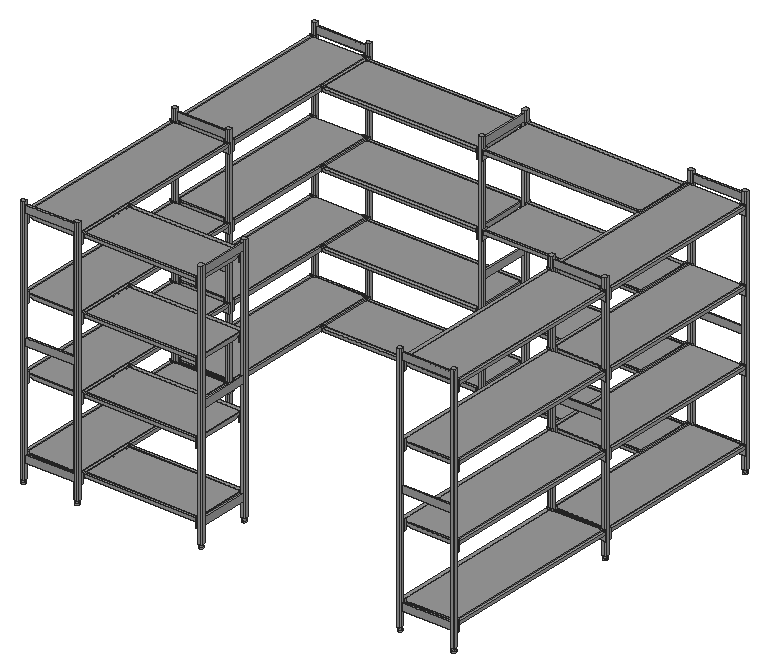
Revit family "QF_ELECTROLUXPROFESSIONAL_137107_CRS2824", category Attrezzature speciali, Revit 2020 (continued)
Definition of nested family "QF_708G"
  Definition of nested family "WT_Aggancio373B"
    Forms (mm)
      Extrusion 1, solid
        sketch origin (-380, -0.022, 0) x (0, 1, 0) y (0, 0, 1)
          loop
            line (-12, 597.998) -> (4, 597.998) -> (4, 615.994) -> (2.007, 615.994) -> (2.007, 609.496) -> (-329, 609.496) -> (-329, 615.994) -> (-331, 615.994) -> (-331, 597.998) -> (-315, 597.998) -> (-281, 585.994) -> (-46, 585.994) -> (-12, 597.998)
          loop
            line (-12, 147.998) -> (4, 147.998) -> (4, 165.994) -> (2.007, 165.994) -> (2.007, 159.496) -> (-329, 159.496) -> (-329, 165.994) -> (-331, 165.994) -> (-331, 147.998) -> (-315, 147.998) -> (-281, 135.994) -> (-46, 135.994) -> (-12, 147.998)
        from -32 to -37
      Extrusion 2, solid
        sketch origin (-793.062, -324.754, 6.5) x (1, 0, 0) y (0, 0, 1)
          loop
            line (385.062, 1509.496) -> (385.062, 1512.496) -> (376.062, 1512.496) -> (376.062, 1485.994) -> (390.031, 1485.994) -> (390.031, 1491.496) -> (381.062, 1491.496) -> (381.062, 1509.496) -> (385.062, 1509.496)
          loop
            line (385.062, 1059.496) -> (385.062, 1062.496) -> (376.062, 1062.496) -> (376.062, 1035.994) -> (390.031, 1035.994) -> (390.031, 1041.496) -> (381.062, 1041.496) -> (381.062, 1059.496) -> (385.062, 1059.496)
          loop
            line (385.062, 609.496) -> (385.062, 612.496) -> (376.062, 612.496) -> (376.062, 585.994) -> (390.031, 585.994) -> (390.031, 591.496) -> (381.062, 591.496) -> (381.062, 609.496) -> (385.062, 609.496)
          loop
            line (385.062, 159.496) -> (385.062, 162.496) -> (376.062, 162.496) -> (376.062, 135.994) -> (390.031, 135.994) -> (390.031, 141.496) -> (381.062, 141.496) -> (381.062, 159.496) -> (385.062, 159.496)
        from 6.268 to 25.246
      Extrusion 3, solid
        sketch origin (-793.062, 32.754, 6.5) x (1, 0, 0) y (0, 0, 1)
          loop
            line (385.062, 1509.496) -> (385.062, 1512.496) -> (376.062, 1512.496) -> (376.062, 1485.994) -> (390.031, 1485.994) -> (390.031, 1491.496) -> (381.062, 1491.496) -> (381.062, 1509.496) -> (385.062, 1509.496)
          loop
            line (385.062, 1059.496) -> (385.062, 1062.496) -> (376.062, 1062.496) -> (376.062, 1035.994) -> (390.031, 1035.994) -> (390.031, 1041.496) -> (381.062, 1041.496) -> (381.062, 1059.496) -> (385.062, 1059.496)
          loop
            line (385.062, 609.496) -> (385.062, 612.496) -> (376.062, 612.496) -> (376.062, 585.994) -> (390.031, 585.994) -> (390.031, 591.496) -> (381.062, 591.496) -> (381.062, 609.496) -> (385.062, 609.496)
          loop
            line (385.062, 159.496) -> (385.062, 162.496) -> (376.062, 162.496) -> (376.062, 135.994) -> (390.031, 135.994) -> (390.031, 141.496) -> (381.062, 141.496) -> (381.062, 159.496) -> (385.062, 159.496)
        from 9.754 to 28.776
    Lines and regions (mm)
      symbolic lines
        curve 1: line (-412, -350, 0) -> (-408, -350, 0)
        curve 2: line (-412, -331.022, 0) -> (-412, -350, 0)
        curve 3: line (-408, -331.022, 0) -> (-412, -331.022, 0)
        curve 4: line (-408, -350, 0) -> (-408, -331.022, 0)
        curve 5: line (-412, 3.978, 0) -> (-408, 3.978, 0)
        curve 6: line (-412, 23, 0) -> (-412, 3.978, 0)
        curve 7: line (-408, 23, 0) -> (-412, 23, 0)
        curve 8: line (-408, 3.978, 0) -> (-408, 23, 0)
    Dimensions and locks
      "Height": plane 5 "TOP" to level
      "Depth": plane 3 "BACK" to plane 4 "FRONT"
      "Dint": plane 7 to plane 8
      equal spacing: plane 7, plane 6 "Center (Front/Back)", plane 8
      equal spacing: plane 3 "BACK", plane 6 "Center (Front/Back)", plane 4 "FRONT"
      plane 9 "FEET" to level = 25 mm
      plane 10 to plane 9 "FEET" = 115 mm
      locked: plane 11 to plane 10 at 450
      locked: plane 12 to plane 11 at 450
      locked: plane 13 to plane 12 at 450
      locked: plane 3 "BACK" to plane 15 "CYBack" at 17.5
      locked: plane 16 "CYFront" to plane 4 "FRONT" at 17.5
      aligned and locked: level to plane 1
      aligned and locked: Extrusion 1 sketch curve to Extrusion 1 sketch curve  (x3)
    Automatic sketch dimensions
      plane 16 "CYFront" to Extrusion 1 sketch curve = 1.478 mm  (x4)
      Extrusion 1 sketch curve to Extrusion 1 sketch curve = 2 mm
      plane 8 to Extrusion 1 sketch curve = 3.478 mm  (x4)
      Extrusion 1 sketch curve to plane 10 = 4.006 mm
      Extrusion 1 sketch curve to Extrusion 1 sketch curve = 34 mm  (x4)
      Extrusion 1 sketch curve to plane 11 = 4.006 mm
      Extrusion 1 sketch curve to plane 12 = 4.006 mm
      Extrusion 1 sketch curve to plane 13 = 4.006 mm
      Extrusion 1 sketch curve to plane 7 = 37.522 mm  (x4)
      Extrusion 1 sketch curve to plane 7 = 3.522 mm  (x4)
      plane 14 to Extrusion 1 sketch curve = 3.516 mm  (x4)
      plane 14 to Extrusion 1 sketch curve = 1.522 mm  (x4)
      plane 10 to Extrusion 1 sketch curve = 7.998 mm  (x2)
      Extrusion 1 sketch curve to Extrusion 1 sketch curve = 11.498 mm  (x4)
      Extrusion 1 sketch curve to Extrusion 1 sketch curve = 6.499 mm  (x8)
      plane 11 to Extrusion 1 sketch curve = 7.998 mm  (x2)
      plane 12 to Extrusion 1 sketch curve = 7.998 mm  (x2)
      plane 13 to Extrusion 1 sketch curve = 7.998 mm  (x2)
      plane 2 "LEFT" to Extrusion 2 sketch curve = 0 mm  (x4)
      plane 13 to Extrusion 2 sketch curve = 7.996 mm
      plane 11 to Extrusion 2 sketch curve = 7.996 mm
      Extrusion 2 sketch curve to Extrusion 2 sketch curve = 5 mm  (x4)
      plane 11 to Extrusion 2 sketch curve = 2.494 mm
      plane 10 to Extrusion 2 sketch curve = 28.996 mm
      Extrusion 2 sketch curve to Extrusion 2 sketch curve = 3 mm  (x4)
      plane 10 to Extrusion 2 sketch curve = 7.996 mm
      plane 10 to Extrusion 2 sketch curve = 2.494 mm
      Extrusion 2 sketch curve to Extrusion 2 sketch curve = 18 mm  (x3)
      plane 12 to Extrusion 2 sketch curve = 2.494 mm
      plane 12 to Extrusion 2 sketch curve = 7.996 mm
      plane 13 to Extrusion 2 sketch curve = 2.494 mm
      plane 2 "LEFT" to Extrusion 3 sketch curve = 0 mm  (x4)
      plane 13 to Extrusion 3 sketch curve = 7.996 mm
      plane 11 to Extrusion 3 sketch curve = 7.996 mm
      Extrusion 3 sketch curve to Extrusion 3 sketch curve = 5 mm  (x4)
      plane 11 to Extrusion 3 sketch curve = 2.494 mm
      plane 10 to Extrusion 3 sketch curve = 28.996 mm
      Extrusion 3 sketch curve to Extrusion 3 sketch curve = 3 mm  (x4)
      plane 10 to Extrusion 3 sketch curve = 7.996 mm
      plane 10 to Extrusion 3 sketch curve = 2.494 mm
      Extrusion 3 sketch curve to Extrusion 3 sketch curve = 18 mm  (x3)
      plane 12 to Extrusion 3 sketch curve = 2.494 mm
      plane 12 to Extrusion 3 sketch curve = 7.996 mm
      plane 13 to Extrusion 3 sketch curve = 2.494 mm
      plane 2 "LEFT" to curve 1 = 5 mm
      plane 2 "LEFT" to curve 7 = 5 mm
      curve 1 to plane 16 "CYFront" = 17.5 mm
      curve 3 to plane 8 = 12.522 mm
      plane 7 to curve 5 = 12.478 mm
      curve 7 to plane 14 = 17.5 mm
      curve 5 to curve 5 = 4 mm
      curve 1 to curve 4 = 4 mm
      Extrusion 2 sketch curve to Extrusion 2 sketch curve = 4 mm  (x4)
      Extrusion 2 sketch curve to Extrusion 2 sketch curve = 8.969 mm  (x4)
      Extrusion 3 sketch curve to Extrusion 3 sketch curve = 4 mm  (x4)
      Extrusion 3 sketch curve to Extrusion 3 sketch curve = 8.969 mm  (x4)
Definition of nested family "QF_1062"
  Parameters
    Default Elevation = 0 mm
    Model = "137014"
    Manufacturer = "Electrolux Professional"
    Description = ""
  Reference planes
    plane 1: z = 0
    plane 2 "Center (Left/Right)": x = -31
    plane 3 "LEFT": x = -594
    plane 4 "RIGHT": x = 532
    plane 5 "BACK": y = 23
    plane 6 "FRONT": y = -350
    plane 7 "TOP": z = 1700
    plane 8: x = 527
    plane 9: x = -562
    plane 10: x = 500
    plane 11 "Center (Front/Back)": y = -163.5
    plane 12: x = 495
    plane 13: y = -8.5
    plane 14: y = -318.5
    plane 15 "FEET": z = 25
    plane 16: z = 140
    plane 17: z = 590
    plane 18: z = 1040
    plane 19: z = 1490
    plane 20 "CXLeft": x = -580
    plane 21 "CXRight": x = 518
    plane 22: y = 5.5
    plane 23 "CYBack": y = 5.5
    plane 24 "CYFront": y = -332.5
  Forms (mm)
    Extrusion 1, solid
      sketch origin (-594, 0, 0) x (0, 1, 0) y (0, 0, 1)
        loop
          line (4, 1515.994) -> (4, 1497.998) -> (23, 1497.998) -> (23, 1515.994) -> (4, 1515.994)
        loop
          line (-331, 1515.994) -> (-350, 1515.994) -> (-350, 1497.998) -> (-331, 1497.998) -> (-331, 1515.994)
        loop
          line (4, 1065.994) -> (4, 1047.998) -> (23, 1047.998) -> (23, 1065.994) -> (4, 1065.994)
        loop
          line (-331, 1065.994) -> (-350, 1065.994) -> (-350, 1047.998) -> (-331, 1047.998) -> (-331, 1065.994)
        loop
          line (4, 615.994) -> (4, 597.998) -> (23, 597.998) -> (23, 615.994) -> (4, 615.994)
        loop
          line (-331, 615.994) -> (-350, 615.994) -> (-350, 597.998) -> (-331, 597.998) -> (-331, 615.994)
        loop
          line (4, 165.994) -> (4, 147.998) -> (23, 147.998) -> (23, 165.994) -> (4, 165.994)
        loop
          line (-331, 165.994) -> (-350, 165.994) -> (-350, 147.998) -> (-331, 147.998) -> (-331, 165.994)
      from 32 to 1094
    Extrusion 2, solid
      sketch origin (-594, 0, 135) x (0, 1, 0) y (0, 0, 1)
        loop
          line (2.007, 1380.994) -> (-329, 1380.994) -> (-329, 1374.496) -> (2.007, 1374.496) -> (2.007, 1380.994)
        loop
          line (2.007, 930.994) -> (-329, 930.994) -> (-329, 924.496) -> (2.007, 924.496) -> (2.007, 930.994)
        loop
          line (2.007, 480.994) -> (-329, 480.994) -> (-329, 474.496) -> (2.007, 474.496) -> (2.007, 480.994)
        loop
          line (2.007, 30.994) -> (-329, 30.994) -> (-329, 24.496) -> (2.007, 24.496) -> (2.007, 30.994)
      from 32 to 1094
    Extrusion 3, solid
      sketch origin (532, 0, 135) x (0, 1, 0) y (0, 0, 1)
        loop
          line (-12, 1362.998) -> (4, 1362.998) -> (4, 1380.994) -> (2.007, 1380.994) -> (2.007, 1374.496) -> (-329, 1374.496) -> (-329, 1380.994) -> (-331, 1380.994) -> (-331, 1362.998) -> (-315, 1362.998) -> (-281, 1350.994) -> (-46, 1350.994) -> (-12, 1362.998)
        loop
          line (-12, 912.998) -> (4, 912.998) -> (4, 930.994) -> (2.007, 930.994) -> (2.007, 924.496) -> (-329, 924.496) -> (-329, 930.994) -> (-331, 930.994) -> (-331, 912.998) -> (-315, 912.998) -> (-281, 900.994) -> (-46, 900.994) -> (-12, 912.998)
        loop
          line (-12, 462.998) -> (4, 462.998) -> (4, 480.994) -> (2.007, 480.994) -> (2.007, 474.496) -> (-329, 474.496) -> (-329, 480.994) -> (-331, 480.994) -> (-331, 462.998) -> (-315, 462.998) -> (-281, 450.994) -> (-46, 450.994) -> (-12, 462.998)
        loop
          line (-12, 12.998) -> (4, 12.998) -> (4, 30.994) -> (2.007, 30.994) -> (2.007, 24.496) -> (-329, 24.496) -> (-329, 30.994) -> (-331, 30.994) -> (-331, 12.998) -> (-315, 12.998) -> (-281, 0.994) -> (-46, 0.994) -> (-12, 12.998)
      from -32 to -37
  Lines and regions (mm)
    symbolic lines
      curve 1: line (500, 4, 1700) -> (-562, 4, 1700)
      curve 2: line (-566, 23, 1700) -> (504, 23, 1700)
      curve 3: line (504, 13.246, 1700) -> (510.254, 19.5, 1700)
      curve 4: line (510.254, -8.5, 1700) -> (504, -2.246, 1700)
      curve 5: line (510.254, -318.5, 1700) -> (504, -324.754, 1700)
      curve 6: line (-566, -350, 1700) -> (504, -350, 1700)
      curve 7: line (504, 23, 1700) -> (504, -12.993, 1700)
      curve 8: line (504, -12.993, 1700) -> (500, -12.993, 1700)
      curve 9: line (504, -350, 1700) -> (504, -314.007, 1700)
      curve 10: line (504, -314.007, 1700) -> (500, -314.007, 1700)
      curve 11: line (-562, -12.993, 1700) -> (-562, -314.007, 1700)
      curve 12: line (-562, -331, 1700) -> (500, -331, 1700)
      curve 13: line (500, -12.993, 1700) -> (500, -314.007, 1700)
  Dimensions and locks
    locked: plane 3 "LEFT" to plane 4 "RIGHT" at 1126
    equal spacing: plane 3 "LEFT", plane 2 "Center (Left/Right)", plane 4 "RIGHT"
    locked: plane 7 "TOP" to level at 1700
    locked: plane 5 "BACK" to plane 6 "FRONT" at 373
    locked: plane 4 "RIGHT" to plane 8 at 5
    locked: plane 9 to plane 10 at 1062
    locked: plane 3 "LEFT" to plane 9 at 32
    plane 12 to plane 10 = 5 mm
    locked: plane 13 to plane 14 at 310
    equal spacing: plane 13, plane 11 "Center (Front/Back)", plane 14
    equal spacing: plane 5 "BACK", plane 11 "Center (Front/Back)", plane 6 "FRONT"
    plane 15 "FEET" to level = 25 mm
    plane 7 "TOP" to plane 15 "FEET" = 1675 mm
    plane 17 to plane 16 = 450 mm
    plane 18 to plane 17 = 450 mm
    plane 19 to plane 18 = 450 mm
    locked: plane 3 "LEFT" to plane 20 "CXLeft" at 14
    locked: plane 21 "CXRight" to plane 4 "RIGHT" at 14
    locked: plane 5 "BACK" to plane 23 "CYBack" at 17.5
    locked: plane 24 "CYFront" to plane 6 "FRONT" at 17.5
    plane 16 to level = 140 mm
    plane 17 to level = 590 mm
    plane 18 to level = 1040 mm
    plane 19 to level = 1490 mm
    aligned and locked: level to plane 1
    aligned and locked: plane 9 to Extrusion 2
    aligned and locked: Extrusion 2 to plane 10
    aligned and locked: plane 9 to Extrusion 1
    aligned and locked: Extrusion 1 to plane 10
    aligned and locked: Extrusion 1 sketch curve to Extrusion 1 sketch curve  (x2)
    aligned and locked: Extrusion 3 sketch curve to Extrusion 3 sketch curve  (x3)
    aligned and locked: Extrusion 3 to plane 12
    aligned and locked: Extrusion 3 to plane 10
    aligned and locked: plane 20 "CXLeft" to nested 1
    aligned and locked: plane 21 "CXRight" to nested 2
  Automatic sketch dimensions
    Extrusion 1 sketch curve to plane 6 "FRONT" = 0 mm  (x4)
    Extrusion 1 sketch curve to plane 5 "BACK" = 0 mm  (x4)
    plane 24 "CYFront" to Extrusion 1 sketch curve = 1.5 mm  (x2)
    plane 22 to Extrusion 1 sketch curve = 1.5 mm  (x4)
    plane 16 to Extrusion 1 sketch curve = 7.998 mm  (x2)
    Extrusion 1 sketch curve to Extrusion 1 sketch curve = 17.997 mm  (x8)
    plane 17 to Extrusion 1 sketch curve = 7.998 mm  (x2)
    plane 18 to Extrusion 1 sketch curve = 7.998 mm  (x2)
    plane 19 to Extrusion 1 sketch curve = 7.998 mm  (x2)
    plane 24 "CYFront" to Extrusion 2 sketch curve = 3.5 mm  (x4)
    plane 22 to Extrusion 2 sketch curve = 3.493 mm  (x4)
    plane 16 to Extrusion 2 sketch curve = 19.496 mm
    Extrusion 2 sketch curve to Extrusion 2 sketch curve = 6.499 mm  (x4)
    plane 17 to Extrusion 2 sketch curve = 19.496 mm
    plane 18 to Extrusion 2 sketch curve = 19.496 mm
    plane 19 to Extrusion 2 sketch curve = 19.496 mm
    plane 24 "CYFront" to Extrusion 3 sketch curve = 1.5 mm  (x4)
    Extrusion 3 sketch curve to Extrusion 3 sketch curve = 2 mm
    plane 14 to Extrusion 3 sketch curve = 3.5 mm  (x4)
    Extrusion 3 sketch curve to plane 16 = 4.006 mm
    Extrusion 3 sketch curve to Extrusion 3 sketch curve = 34 mm  (x4)
    Extrusion 3 sketch curve to plane 17 = 4.006 mm
    Extrusion 3 sketch curve to plane 18 = 4.006 mm
    Extrusion 3 sketch curve to plane 19 = 4.006 mm
    Extrusion 3 sketch curve to plane 13 = 37.5 mm  (x4)
    Extrusion 3 sketch curve to plane 13 = 3.5 mm  (x4)
    plane 22 to Extrusion 3 sketch curve = 3.493 mm  (x4)
    plane 22 to Extrusion 3 sketch curve = 1.5 mm  (x4)
    plane 16 to Extrusion 3 sketch curve = 7.998 mm  (x2)
    Extrusion 3 sketch curve to Extrusion 3 sketch curve = 11.498 mm  (x4)
    Extrusion 3 sketch curve to Extrusion 3 sketch curve = 6.499 mm  (x8)
    plane 17 to Extrusion 3 sketch curve = 7.998 mm  (x2)
    plane 18 to Extrusion 3 sketch curve = 7.998 mm  (x2)
    plane 19 to Extrusion 3 sketch curve = 7.998 mm  (x2)
    curve 6 to plane 6 "FRONT" = 0 mm
    curve 12 to plane 9 = 0 mm
    curve 12 to plane 10 = 0 mm
    curve 5 to plane 14 = 0 mm
    curve 11 to plane 9 = 0 mm
    curve 8 to plane 10 = 0 mm
    curve 4 to plane 13 = 0 mm
    curve 1 to plane 9 = 0 mm
    curve 1 to plane 10 = 0 mm
    curve 2 to plane 5 "BACK" = 0 mm
    plane 14 to curve 10 = 4.493 mm
    curve 7 to plane 13 = 4.493 mm
    curve 10 to plane 10 = 4 mm
    curve 7 to plane 10 = 4 mm
    plane 24 "CYFront" to curve 12 = 1.5 mm
    curve 5 to plane 14 = 6.254 mm
    plane 14 to curve 11 = 4.493 mm
    curve 11 to plane 13 = 4.493 mm
    plane 13 to curve 4 = 6.254 mm
    plane 22 to curve 1 = 1.5 mm
    curve 3 to plane 22 = 7.746 mm
    curve 3 to plane 5 "BACK" = 3.5 mm
    curve 5 to curve 9 = 6.254 mm
    curve 3 to curve 2 = 6.254 mm
    curve 4 to curve 7 = 6.254 mm
    plane 9 to curve 2 = 4 mm
    plane 9 to curve 6 = 4 mm
  Nested families
    nested 1: "WT_Anta373B" at (-177, 0, 0), type "WT_Anta373B"
    nested 2: "WT_Anta373B" at (115, 0, 0) x (-1, 0, 0) z (0, 0, 1), type "WT_Anta373B"
  Definition of nested family "WT_Anta373B"
    Parameters
      WidthLeft = A + 64 mm  # 772 mm
      Width = 1606 mm
      Right = WidthLeft / 2  # 386 mm
      Default Elevation = 0 mm
      Left = -WidthLeft / 2  # -386 mm
      Height = 1590 mm
      FEET = 25 mm
      E = 0 mm
      Dint = Depth - 63 mm  # 310 mm
      Dext = Depth - 8 mm  # 365 mm
      Depth = 373 mm
      DX = (WidthLeft - A) / 2  # 32 mm
      B = 798 mm
      A = 708 mm
    Reference planes
      plane 1: z = 0
      plane 2 "LEFT": x = -417
      plane 3 "BACK": y = 23
      plane 4 "FRONT": y = -350
      plane 5 "TOP": z = 1590
      plane 6 "Center (Front/Back)": y = -163.5
      plane 7: y = -8.5
      plane 8: y = -318.5
      plane 9 "FEET": z = 25
      plane 10: z = 140
      plane 11: z = 590
      plane 12: z = 1040
      plane 13: z = 1490
      plane 14 "CXLeft": x = -403
      plane 15: y = 5.5
      plane 16 "CYBack": y = 5.5
      plane 17 "CYFront": y = -332.5
      plane 18: x = -385.031
      plane 19: x = -380.031
    Forms (mm)
      Extrusion 1, solid
        sketch origin (0, 0, 0) x (1, 0, 0) y (0, 1, 0)
          loop
            line (-417, 13.246) -> (-417, -2.246) -> (-410.746, -8.5) -> (-395.254, -8.5) -> (-389, -2.246) -> (-389, 13.246) -> (-395.254, 19.5) -> (-410.746, 19.5) -> (-417, 13.246)
        from 1590 to 25
      Extrusion 2, solid
        sketch origin (-417, 0, 0) x (0, 1, 0) y (0, 0, 1)
          loop
            line (23, 111.005) -> (23, 172.993) -> (-12.993, 172.993) -> (-12.993, 111.005) -> (23, 111.005)
          loop
            line (-350, 111.005) -> (-314.007, 111.005) -> (-314.007, 172.993) -> (-350, 172.993) -> (-350, 111.005)
          loop
            line (23, 561.005) -> (23, 622.993) -> (-12.993, 622.993) -> (-12.993, 561.005) -> (23, 561.005)
          loop
            line (-350, 561.005) -> (-314.007, 561.005) -> (-314.007, 622.993) -> (-350, 622.993) -> (-350, 561.005)
          loop
            line (23, 1011.005) -> (23, 1072.993) -> (-12.993, 1072.993) -> (-12.993, 1011.005) -> (23, 1011.005)
          loop
            line (-350, 1011.005) -> (-314.007, 1011.005) -> (-314.007, 1072.993) -> (-350, 1072.993) -> (-350, 1011.005)
          loop
            line (23, 1461.005) -> (23, 1522.993) -> (-12.993, 1522.993) -> (-12.993, 1461.005) -> (23, 1461.005)
          loop
            line (-350, 1461.005) -> (-314.007, 1461.005) -> (-314.007, 1522.993) -> (-350, 1522.993) -> (-350, 1461.005)
        from 28 to 32
      Revolve 3, solid
        sketch origin (-403, 0, 0) x (0, 1, 0) y (0, 0, 1)
          loop
            line (5.5, 25) -> (5.5, 0) -> (19, 0) -> (19, 5) -> (14, 5) -> (14, 25) -> (5.5, 25)
          axis (5.5, 25) -> (5.5, 0)
        angle from 0 to 360
      Extrusion 4, solid
        sketch origin (-403, 0, 0) x (0, 1, 0) y (0, 0, 1)
          loop
            line (-8.5, 777.382) -> (-8.5, 822.374) -> (-318.5, 822.374) -> (-318.5, 777.382) -> (-8.5, 777.382)
          loop
            line (-8.5, 1527.244) -> (-8.5, 1572.236) -> (-318.5, 1572.236) -> (-318.5, 1527.244) -> (-8.5, 1527.244)
        from -5 to 5
      Revolve 5, solid
        sketch origin (-403, -627, 0) x (0, -1, 0) y (0, 0, 1)
          loop
            line (-294.5, 25) -> (-294.5, 0) -> (-281, 0) -> (-281, 5) -> (-286, 5) -> (-286, 25) -> (-294.5, 25)
          axis (-294.5, 25) -> (-294.5, 0)
        angle from 0 to 360
      Extrusion 6, solid
        sketch origin (0, -627, 0) x (1, 0, 0) y (0, 1, 0)
          loop
            line (-417, 286.754) -> (-410.746, 280.5) -> (-395.254, 280.5) -> (-389, 286.754) -> (-389, 302.246) -> (-395.254, 308.5) -> (-410.746, 308.5) -> (-417, 302.246) -> (-417, 286.754)
        from 1590 to 25
      Extrusion 7, solid
        sketch origin (-417.031, -0.022, 0) x (0, 1, 0) y (0, 0, -1)
          loop
            line (-12, -1497.998) -> (-46, -1485.994) -> (-281, -1485.994) -> (-315, -1497.998) -> (-331, -1497.998) -> (-331, -1515.994) -> (-329, -1515.994) -> (-329, -1509.496) -> (2.007, -1509.496) -> (2.007, -1515.994) -> (4, -1515.994) -> (4, -1497.998) -> (-12, -1497.998)
          loop
            line (-12, -1047.998) -> (-46, -1035.994) -> (-281, -1035.994) -> (-315, -1047.998) -> (-331, -1047.998) -> (-331, -1065.994) -> (-329, -1065.994) -> (-329, -1059.496) -> (2.007, -1059.496) -> (2.007, -1065.994) -> (4, -1065.994) -> (4, -1047.998) -> (-12, -1047.998)
          loop
            line (-12, -597.998) -> (-46, -585.994) -> (-281, -585.994) -> (-315, -597.998) -> (-331, -597.998) -> (-331, -615.994) -> (-329, -615.994) -> (-329, -609.496) -> (2.007, -609.496) -> (2.007, -615.994) -> (4, -615.994) -> (4, -597.998) -> (-12, -597.998)
          loop
            line (-12, -147.998) -> (-46, -135.994) -> (-281, -135.994) -> (-315, -147.998) -> (-331, -147.998) -> (-331, -165.994) -> (-329, -165.994) -> (-329, -159.496) -> (2.007, -159.496) -> (2.007, -165.994) -> (4, -165.994) -> (4, -147.998) -> (-12, -147.998)
        from -32 to -37
      Extrusion 8, solid
        sketch origin (-403, 0, -659.878) x (0, 1, 0) y (0, 0, 1)
          loop
            line (-8.5, 777.382) -> (-8.5, 822.374) -> (-318.5, 822.374) -> (-318.5, 777.382) -> (-8.5, 777.382)
          loop
            line (-8.5, 1437.382) -> (-8.5, 1482.374) -> (-318.5, 1482.374) -> (-318.5, 1437.382) -> (-8.5, 1437.382)
          loop
            line (-8.5, 2187.382) -> (-8.5, 2232.374) -> (-318.5, 2232.374) -> (-318.5, 2187.382) -> (-8.5, 2187.382)
        from -5 to 5
    Lines and regions (mm)
      symbolic lines
        curve 1: line (-408, -8.5, 1590) -> (-408, -318.5, 1590)
        curve 2: line (-398, -318.5, 1590) -> (-398, -8.5, 1590)
        curve 3: line (-395.254, -8.5, 1590) -> (-410.746, -8.5, 1590)
        curve 4: line (-417, -2.246, 1590) -> (-410.746, -8.5, 1590)
        curve 5: line (-417, 13.246, 1590) -> (-417, -2.246, 1590)
        curve 6: line (-410.746, 19.5, 1590) -> (-417, 13.246, 1590)
        curve 7: line (-395.254, 19.5, 1590) -> (-410.746, 19.5, 1590)
        curve 8: line (-389, 13.246, 1590) -> (-395.254, 19.5, 1590)
        curve 9: line (-395.254, -8.5, 1590) -> (-389, -2.246, 1590)
        curve 10: line (-395.254, -318.5, 1590) -> (-410.746, -318.5, 1590)
        curve 11: line (-417, -324.754, 1590) -> (-410.746, -318.5, 1590)
        curve 12: line (-410.746, -346.5, 1590) -> (-417, -340.246, 1590)
        curve 13: line (-395.254, -346.5, 1590) -> (-410.746, -346.5, 1590)
        curve 14: line (-389, -340.246, 1590) -> (-395.254, -346.5, 1590)
        curve 15: line (-395.254, -318.5, 1590) -> (-389, -324.754, 1590)
        curve 16: line (-389, -350, 1590) -> (-389, -314.007, 1590)
        curve 17: line (-389, -314.007, 1590) -> (-385, -314.007, 1590)
        curve 18: line (-389, 23, 1590) -> (-389, -12.993, 1590)
        curve 19: line (-389, -12.993, 1590) -> (-385, -12.993, 1590)
        curve 20: line (-417, -324.754, 1590) -> (-417, -340.246, 1590)
        curve 21: line (-385, -350, 1590) -> (-385, -314.007, 1590)
        curve 22: line (-385, -350, 1590) -> (-389, -350, 1590)
        curve 23: line (-385, 23, 1590) -> (-389, 23, 1590)
        curve 24: line (-385, -12.993, 1590) -> (-385, 23, 1590)
        curve 25: line (-385.031, -13.016, 1725) -> (-385.031, -314.029, 1725)
    Dimensions and locks
      "Depth": plane 3 "BACK" to plane 4 "FRONT"
      "Dint": plane 7 to plane 8
      equal spacing: plane 7, plane 6 "Center (Front/Back)", plane 8
      equal spacing: plane 3 "BACK", plane 6 "Center (Front/Back)", plane 4 "FRONT"
      plane 9 "FEET" to level = 25 mm
      plane 10 to plane 9 "FEET" = 115 mm
      plane 11 to plane 10 = 450 mm
      plane 12 to plane 11 = 450 mm
      plane 13 to plane 12 = 450 mm
      locked: plane 2 "LEFT" to plane 14 "CXLeft" at 14
      locked: plane 3 "BACK" to plane 16 "CYBack" at 17.5
      locked: plane 17 "CYFront" to plane 4 "FRONT" at 17.5
      locked: Revolve 3 sketch curve to Revolve 3 sketch curve at 8.5
      locked: Revolve 3 sketch curve to plane 16 "CYBack" at 13.5
      locked: Revolve 5 sketch curve to Revolve 5 sketch curve at 8.5
      plane 10 to level = 140 mm
      plane 11 to level = 590 mm
      plane 12 to level = 1040 mm
      plane 13 to level = 1490 mm
      "Height": plane 5 "TOP" to level
      aligned and locked: level to plane 1
      aligned and locked: curve 20 to Extrusion 6
      aligned and locked: plane 5 "TOP" to Extrusion 1
      aligned and locked: plane 5 "TOP" to Extrusion 6
      aligned and locked: Extrusion 7 sketch curve to Extrusion 7 sketch curve  (x3)
    Automatic sketch dimensions
      curve 16 to plane 4 "FRONT" = 0 mm
      curve 11 to plane 8 = 0 mm
      curve 9 to plane 7 = 0 mm
      curve 5 to plane 2 "LEFT" = 0 mm
      curve 23 to plane 3 "BACK" = 0 mm
      plane 4 "FRONT" to curve 13 = 3.5 mm
      curve 20 to plane 17 "CYFront" = 7.746 mm
      curve 20 to plane 8 = 6.254 mm
      plane 8 to curve 16 = 4.493 mm
      curve 24 to plane 18 = 0.031 mm
      curve 24 to plane 7 = 4.493 mm
      plane 7 to curve 5 = 6.254 mm
      curve 5 to plane 15 = 7.746 mm
      curve 6 to plane 3 "BACK" = 3.5 mm
      curve 21 to plane 18 = 0.031 mm
      plane 18 to curve 23 = 3.969 mm
      plane 18 to curve 16 = 3.969 mm
      curve 18 to curve 8 = 6.254 mm
      curve 18 to curve 3 = 6.254 mm
      curve 16 to curve 13 = 6.254 mm
      curve 16 to curve 15 = 6.254 mm
      plane 2 "LEFT" to curve 10 = 6.254 mm
      plane 2 "LEFT" to curve 7 = 6.254 mm
      plane 2 "LEFT" to curve 12 = 6.254 mm
      plane 2 "LEFT" to curve 3 = 6.254 mm
      curve 14 to plane 17 "CYFront" = 7.746 mm
      curve 15 to plane 8 = 6.254 mm
      plane 7 to curve 9 = 6.254 mm
      curve 8 to plane 15 = 7.746 mm
      curve 3 to curve 2 = 2.746 mm
      curve 1 to curve 10 = 2.746 mm
      Extrusion 1 sketch curve to plane 2 "LEFT" = 0 mm
      Extrusion 1 sketch curve to plane 7 = 0 mm
      plane 2 "LEFT" to Extrusion 1 sketch curve = 6.254 mm  (x2)
      plane 14 "CXLeft" to Extrusion 1 sketch curve = 7.746 mm  (x2)
      Extrusion 1 sketch curve to plane 3 "BACK" = 3.5 mm
      plane 18 to Extrusion 1 sketch curve = 3.969 mm
      plane 7 to Extrusion 1 sketch curve = 6.254 mm  (x2)
      Extrusion 1 sketch curve to plane 15 = 7.746 mm  (x2)
      Extrusion 2 sketch curve to plane 4 "FRONT" = 0 mm  (x4)
      Extrusion 2 sketch curve to plane 3 "BACK" = 0 mm  (x4)
      plane 8 to Extrusion 2 sketch curve = 4.493 mm  (x4)
      Extrusion 2 sketch curve to plane 7 = 4.493 mm  (x4)
      Extrusion 2 sketch curve to plane 10 = 28.995 mm  (x2)
      plane 10 to Extrusion 2 sketch curve = 32.993 mm  (x2)
      Extrusion 2 sketch curve to plane 11 = 28.995 mm  (x2)
      plane 11 to Extrusion 2 sketch curve = 32.993 mm  (x2)
      Extrusion 2 sketch curve to plane 12 = 28.995 mm  (x2)
      plane 12 to Extrusion 2 sketch curve = 32.993 mm  (x2)
      Extrusion 2 sketch curve to plane 13 = 28.995 mm  (x2)
      plane 13 to Extrusion 2 sketch curve = 32.993 mm  (x2)
      Revolve 3 sketch curve to plane 9 "FEET" = 0 mm  (x2)
      Revolve 3 sketch curve to plane 15 = 0 mm  (x2)
      Revolve 3 sketch curve to level = 0 mm
      level to Revolve 3 sketch curve = 5 mm
      Revolve 3 sketch curve to Revolve 3 sketch curve = 11.655 mm
      Extrusion 4 sketch curve to plane 8 = 0 mm  (x2)
      Extrusion 4 sketch curve to plane 7 = 0 mm  (x2)
      plane 11 to Extrusion 4 sketch curve = 187.382 mm
      Extrusion 4 sketch curve to Extrusion 4 sketch curve = 44.992 mm
      plane 13 to Extrusion 4 sketch curve = 37.244 mm
      Extrusion 4 sketch curve to plane 5 "TOP" = 17.764 mm
      Revolve 5 sketch curve to plane 9 "FEET" = 0 mm  (x2)
      Revolve 5 sketch curve to plane 17 "CYFront" = 0 mm  (x2)
      Revolve 5 sketch curve to level = 0 mm
      Revolve 5 sketch curve to plane 4 "FRONT" = 4 mm
      Revolve 5 sketch curve to Revolve 5 sketch curve = 5 mm
      level to Revolve 5 sketch curve = 11.655 mm
      Extrusion 6 sketch curve to plane 2 "LEFT" = 0 mm
      Extrusion 6 sketch curve to plane 8 = 0 mm
      Extrusion 6 sketch curve to plane 2 "LEFT" = 6.254 mm  (x2)
      Extrusion 6 sketch curve to plane 14 "CXLeft" = 7.746 mm  (x2)
      Extrusion 6 sketch curve to plane 4 "FRONT" = 3.5 mm
      Extrusion 6 sketch curve to plane 18 = 3.969 mm
      plane 8 to Extrusion 6 sketch curve = 6.254 mm  (x2)
      plane 17 "CYFront" to Extrusion 6 sketch curve = 7.746 mm  (x2)
      plane 17 "CYFront" to Extrusion 7 sketch curve = 1.478 mm  (x4)
      Extrusion 7 sketch curve to Extrusion 7 sketch curve = 2 mm
      plane 8 to Extrusion 7 sketch curve = 3.478 mm  (x4)
      Extrusion 7 sketch curve to plane 10 = 4.006 mm
      Extrusion 7 sketch curve to Extrusion 7 sketch curve = 34 mm  (x4)
      Extrusion 7 sketch curve to plane 11 = 4.006 mm
      Extrusion 7 sketch curve to plane 12 = 4.006 mm
      Extrusion 7 sketch curve to plane 13 = 4.006 mm
      Extrusion 7 sketch curve to plane 7 = 37.522 mm  (x4)
      Extrusion 7 sketch curve to plane 7 = 3.522 mm  (x4)
      plane 15 to Extrusion 7 sketch curve = 3.516 mm  (x4)
      plane 15 to Extrusion 7 sketch curve = 1.522 mm  (x4)
      plane 13 to Extrusion 7 sketch curve = 7.998 mm  (x2)
      Extrusion 7 sketch curve to Extrusion 7 sketch curve = 11.498 mm
      Extrusion 7 sketch curve to Extrusion 7 sketch curve = 6.499 mm  (x5)
      plane 12 to Extrusion 7 sketch curve = 25.994 mm  (x2)
      plane 12 to Extrusion 7 sketch curve = 7.998 mm  (x2)
      plane 11 to Extrusion 7 sketch curve = 25.994 mm  (x2)
      plane 11 to Extrusion 7 sketch curve = 7.998 mm  (x2)
      plane 10 to Extrusion 7 sketch curve = 25.994 mm  (x2)
      plane 10 to Extrusion 7 sketch curve = 7.998 mm  (x2)
      curve 25 to plane 18 = 0 mm
      plane 8 to curve 25 = 4.471 mm
      curve 25 to plane 7 = 4.516 mm
      Extrusion 8 sketch curve to plane 8 = 0 mm  (x3)
      Extrusion 8 sketch curve to plane 7 = 0 mm  (x3)
      Extrusion 8 sketch curve to plane 10 = 22.496 mm
      plane 10 to Extrusion 8 sketch curve = 22.496 mm
      plane 11 to Extrusion 8 sketch curve = 187.504 mm
      Extrusion 8 sketch curve to Extrusion 8 sketch curve = 44.992 mm
      plane 13 to Extrusion 8 sketch curve = 37.504 mm
      Extrusion 8 sketch curve to plane 5 "TOP" = 17.504 mm
Definition of nested family "QF_1152"
  Parameters
    Default Elevation = 0 mm
    Model = "137015"
    Manufacturer = "Electrolux Professional"
    Description = ""
  Reference planes
    plane 1: z = 0
    plane 2 "Center (Left/Right)": x = -31
    plane 3 "LEFT": x = -639
    plane 4 "RIGHT": x = 577
    plane 5 "BACK": y = 23
    plane 6 "FRONT": y = -350
    plane 7 "TOP": z = 1700
    plane 8: x = 572
    plane 9: x = -607
    plane 10: x = 545
    plane 11 "Center (Front/Back)": y = -163.5
    plane 12: x = 540
    plane 13: y = -8.5
    plane 14: y = -318.5
    plane 15 "FEET": z = 25
    plane 16: z = 140
    plane 17: z = 590
    plane 18: z = 1040
    plane 19: z = 1490
    plane 20 "CXLeft": x = -625
    plane 21 "CXRight": x = 563
    plane 22: y = 5.5
    plane 23 "CYBack": y = 5.5
    plane 24 "CYFront": y = -332.5
  Forms (mm)
    Extrusion 1, solid
      sketch origin (-639, 0, 0) x (0, 1, 0) y (0, 0, 1)
        loop
          line (4, 1515.994) -> (4, 1497.998) -> (23, 1497.998) -> (23, 1515.994) -> (4, 1515.994)
        loop
          line (-331, 1515.994) -> (-350, 1515.994) -> (-350, 1497.998) -> (-331, 1497.998) -> (-331, 1515.994)
        loop
          line (4, 1065.994) -> (4, 1047.998) -> (23, 1047.998) -> (23, 1065.994) -> (4, 1065.994)
        loop
          line (-331, 1065.994) -> (-350, 1065.994) -> (-350, 1047.998) -> (-331, 1047.998) -> (-331, 1065.994)
        loop
          line (4, 615.994) -> (4, 597.998) -> (23, 597.998) -> (23, 615.994) -> (4, 615.994)
        loop
          line (-331, 615.994) -> (-350, 615.994) -> (-350, 597.998) -> (-331, 597.998) -> (-331, 615.994)
        loop
          line (4, 165.994) -> (4, 147.998) -> (23, 147.998) -> (23, 165.994) -> (4, 165.994)
        loop
          line (-331, 165.994) -> (-350, 165.994) -> (-350, 147.998) -> (-331, 147.998) -> (-331, 165.994)
      from 32 to 1184
    Extrusion 2, solid
      sketch origin (-639, 0, 135) x (0, 1, 0) y (0, 0, 1)
        loop
          line (2.007, 1380.994) -> (-329, 1380.994) -> (-329, 1374.496) -> (2.007, 1374.496) -> (2.007, 1380.994)
        loop
          line (2.007, 930.994) -> (-329, 930.994) -> (-329, 924.496) -> (2.007, 924.496) -> (2.007, 930.994)
        loop
          line (2.007, 480.994) -> (-329, 480.994) -> (-329, 474.496) -> (2.007, 474.496) -> (2.007, 480.994)
        loop
          line (2.007, 30.994) -> (-329, 30.994) -> (-329, 24.496) -> (2.007, 24.496) -> (2.007, 30.994)
      from 32 to 1184
    Extrusion 3, solid
      sketch origin (577, 0, 135) x (0, 1, 0) y (0, 0, 1)
        loop
          line (-12, 1362.998) -> (4, 1362.998) -> (4, 1380.994) -> (2.007, 1380.994) -> (2.007, 1374.496) -> (-329, 1374.496) -> (-329, 1380.994) -> (-331, 1380.994) -> (-331, 1362.998) -> (-315, 1362.998) -> (-281, 1350.994) -> (-46, 1350.994) -> (-12, 1362.998)
        loop
          line (-12, 912.998) -> (4, 912.998) -> (4, 930.994) -> (2.007, 930.994) -> (2.007, 924.496) -> (-329, 924.496) -> (-329, 930.994) -> (-331, 930.994) -> (-331, 912.998) -> (-315, 912.998) -> (-281, 900.994) -> (-46, 900.994) -> (-12, 912.998)
        loop
          line (-12, 462.998) -> (4, 462.998) -> (4, 480.994) -> (2.007, 480.994) -> (2.007, 474.496) -> (-329, 474.496) -> (-329, 480.994) -> (-331, 480.994) -> (-331, 462.998) -> (-315, 462.998) -> (-281, 450.994) -> (-46, 450.994) -> (-12, 462.998)
        loop
          line (-12, 12.998) -> (4, 12.998) -> (4, 30.994) -> (2.007, 30.994) -> (2.007, 24.496) -> (-329, 24.496) -> (-329, 30.994) -> (-331, 30.994) -> (-331, 12.998) -> (-315, 12.998) -> (-281, 0.994) -> (-46, 0.994) -> (-12, 12.998)
      from -32 to -37
  Lines and regions (mm)
    symbolic lines
      curve 1: line (545, 4, 1700) -> (-607, 4, 1700)
      curve 2: line (-611, 23, 1700) -> (549, 23, 1700)
      curve 3: line (549, 13.246, 1700) -> (555.254, 19.5, 1700)
      curve 4: line (555.254, -8.5, 1700) -> (549, -2.246, 1700)
      curve 5: line (555.254, -318.5, 1700) -> (549, -324.754, 1700)
      curve 6: line (-611, -350, 1700) -> (549, -350, 1700)
      curve 7: line (549, 23, 1700) -> (549, -12.993, 1700)
      curve 8: line (549, -12.993, 1700) -> (545, -12.993, 1700)
      curve 9: line (549, -350, 1700) -> (549, -314.007, 1700)
      curve 10: line (549, -314.007, 1700) -> (545, -314.007, 1700)
      curve 11: line (-607, -12.993, 1700) -> (-607, -314.007, 1700)
      curve 12: line (-607, -331, 1700) -> (545, -331, 1700)
      curve 13: line (545, -12.993, 1700) -> (545, -314.007, 1700)
  Dimensions and locks
    locked: plane 3 "LEFT" to plane 4 "RIGHT" at 1216
    equal spacing: plane 3 "LEFT", plane 2 "Center (Left/Right)", plane 4 "RIGHT"
    locked: plane 7 "TOP" to level at 1700
    locked: plane 5 "BACK" to plane 6 "FRONT" at 373
    locked: plane 4 "RIGHT" to plane 8 at 5
    locked: plane 9 to plane 10 at 1152
    locked: plane 3 "LEFT" to plane 9 at 32
    plane 12 to plane 10 = 5 mm
    locked: plane 13 to plane 14 at 310
    equal spacing: plane 13, plane 11 "Center (Front/Back)", plane 14
    equal spacing: plane 5 "BACK", plane 11 "Center (Front/Back)", plane 6 "FRONT"
    plane 15 "FEET" to level = 25 mm
    plane 7 "TOP" to plane 15 "FEET" = 1675 mm
    plane 17 to plane 16 = 450 mm
    plane 18 to plane 17 = 450 mm
    plane 19 to plane 18 = 450 mm
    locked: plane 3 "LEFT" to plane 20 "CXLeft" at 14
    locked: plane 21 "CXRight" to plane 4 "RIGHT" at 14
    locked: plane 5 "BACK" to plane 23 "CYBack" at 17.5
    locked: plane 24 "CYFront" to plane 6 "FRONT" at 17.5
    plane 16 to level = 140 mm
    plane 17 to level = 590 mm
    plane 18 to level = 1040 mm
    plane 19 to level = 1490 mm
    aligned and locked: level to plane 1
    aligned and locked: plane 9 to Extrusion 2
    aligned and locked: Extrusion 2 to plane 10
    aligned and locked: plane 9 to Extrusion 1
    aligned and locked: Extrusion 1 to plane 10
    aligned and locked: Extrusion 1 sketch curve to Extrusion 1 sketch curve  (x2)
    aligned and locked: Extrusion 3 sketch curve to Extrusion 3 sketch curve  (x3)
    aligned and locked: Extrusion 3 to plane 12
    aligned and locked: Extrusion 3 to plane 10
    aligned and locked: plane 20 "CXLeft" to nested 1
    aligned and locked: plane 21 "CXRight" to nested 2
  Automatic sketch dimensions
    Extrusion 1 sketch curve to plane 6 "FRONT" = 0 mm  (x4)
    Extrusion 1 sketch curve to plane 5 "BACK" = 0 mm  (x4)
    plane 24 "CYFront" to Extrusion 1 sketch curve = 1.5 mm  (x2)
    plane 22 to Extrusion 1 sketch curve = 1.5 mm  (x4)
    plane 16 to Extrusion 1 sketch curve = 7.998 mm  (x2)
    Extrusion 1 sketch curve to Extrusion 1 sketch curve = 17.997 mm  (x8)
    plane 17 to Extrusion 1 sketch curve = 7.998 mm  (x2)
    plane 18 to Extrusion 1 sketch curve = 7.998 mm  (x2)
    plane 19 to Extrusion 1 sketch curve = 7.998 mm  (x2)
    plane 24 "CYFront" to Extrusion 2 sketch curve = 3.5 mm  (x4)
    plane 22 to Extrusion 2 sketch curve = 3.493 mm  (x4)
    plane 16 to Extrusion 2 sketch curve = 19.496 mm
    Extrusion 2 sketch curve to Extrusion 2 sketch curve = 6.499 mm  (x4)
    plane 17 to Extrusion 2 sketch curve = 19.496 mm
    plane 18 to Extrusion 2 sketch curve = 19.496 mm
    plane 19 to Extrusion 2 sketch curve = 19.496 mm
    plane 24 "CYFront" to Extrusion 3 sketch curve = 1.5 mm  (x4)
    Extrusion 3 sketch curve to Extrusion 3 sketch curve = 2 mm
    plane 14 to Extrusion 3 sketch curve = 3.5 mm  (x4)
    Extrusion 3 sketch curve to plane 16 = 4.006 mm
    Extrusion 3 sketch curve to Extrusion 3 sketch curve = 34 mm  (x4)
    Extrusion 3 sketch curve to plane 17 = 4.006 mm
    Extrusion 3 sketch curve to plane 18 = 4.006 mm
    Extrusion 3 sketch curve to plane 19 = 4.006 mm
    Extrusion 3 sketch curve to plane 13 = 37.5 mm  (x4)
    Extrusion 3 sketch curve to plane 13 = 3.5 mm  (x4)
    plane 22 to Extrusion 3 sketch curve = 3.493 mm  (x4)
    plane 22 to Extrusion 3 sketch curve = 1.5 mm  (x4)
    plane 16 to Extrusion 3 sketch curve = 7.998 mm  (x2)
    Extrusion 3 sketch curve to Extrusion 3 sketch curve = 11.498 mm  (x4)
    Extrusion 3 sketch curve to Extrusion 3 sketch curve = 6.499 mm  (x8)
    plane 17 to Extrusion 3 sketch curve = 7.998 mm  (x2)
    plane 18 to Extrusion 3 sketch curve = 7.998 mm  (x2)
    plane 19 to Extrusion 3 sketch curve = 7.998 mm  (x2)
    curve 6 to plane 6 "FRONT" = 0 mm
    curve 12 to plane 9 = 0 mm
    curve 12 to plane 10 = 0 mm
    curve 5 to plane 14 = 0 mm
    curve 11 to plane 9 = 0 mm
    curve 8 to plane 10 = 0 mm
    curve 4 to plane 13 = 0 mm
    curve 1 to plane 9 = 0 mm
    curve 1 to plane 10 = 0 mm
    curve 2 to plane 5 "BACK" = 0 mm
    plane 14 to curve 10 = 4.493 mm
    curve 7 to plane 13 = 4.493 mm
    curve 10 to plane 10 = 4 mm
    curve 7 to plane 10 = 4 mm
    plane 24 "CYFront" to curve 12 = 1.5 mm
    curve 5 to plane 14 = 6.254 mm
    plane 14 to curve 11 = 4.493 mm
    curve 11 to plane 13 = 4.493 mm
    plane 13 to curve 4 = 6.254 mm
    plane 22 to curve 1 = 1.5 mm
    curve 3 to plane 22 = 7.746 mm
    curve 3 to plane 5 "BACK" = 3.5 mm
    curve 5 to curve 9 = 6.254 mm
    curve 3 to curve 2 = 6.254 mm
    curve 4 to curve 7 = 6.254 mm
    plane 9 to curve 2 = 4 mm
    plane 9 to curve 6 = 4 mm
  Nested families
    nested 1: "WT_Anta373B" at (-222, 0, 0), type "WT_Anta373B"
    nested 2: "WT_Anta373B" at (160, 0, 0) x (-1, 0, 0) z (0, 0, 1), type "WT_Anta373B"
  Definition of nested family "WT_Anta373B"
    Parameters
      WidthLeft = A + 64 mm  # 772 mm
      Width = 1606 mm
      Right = WidthLeft / 2  # 386 mm
      Default Elevation = 0 mm
      Left = -WidthLeft / 2  # -386 mm
      Height = 1590 mm
      FEET = 25 mm
      E = 0 mm
      Dint = Depth - 63 mm  # 310 mm
      Dext = Depth - 8 mm  # 365 mm
      Depth = 373 mm
      DX = (WidthLeft - A) / 2  # 32 mm
      B = 798 mm
      A = 708 mm
    Reference planes
      plane 1: z = 0
      plane 2 "LEFT": x = -417
      plane 3 "BACK": y = 23
      plane 4 "FRONT": y = -350
      plane 5 "TOP": z = 1590
      plane 6 "Center (Front/Back)": y = -163.5
      plane 7: y = -8.5
      plane 8: y = -318.5
      plane 9 "FEET": z = 25
      plane 10: z = 140
      plane 11: z = 590
      plane 12: z = 1040
      plane 13: z = 1490
      plane 14 "CXLeft": x = -403
      plane 15: y = 5.5
      plane 16 "CYBack": y = 5.5
      plane 17 "CYFront": y = -332.5
      plane 18: x = -385.031
      plane 19: x = -380.031
    Forms (mm)
      Extrusion 1, solid
        sketch origin (0, 0, 0) x (1, 0, 0) y (0, 1, 0)
          loop
            line (-417, 13.246) -> (-417, -2.246) -> (-410.746, -8.5) -> (-395.254, -8.5) -> (-389, -2.246) -> (-389, 13.246) -> (-395.254, 19.5) -> (-410.746, 19.5) -> (-417, 13.246)
        from 1590 to 25
      Extrusion 2, solid
        sketch origin (-417, 0, 0) x (0, 1, 0) y (0, 0, 1)
          loop
            line (23, 111.005) -> (23, 172.993) -> (-12.993, 172.993) -> (-12.993, 111.005) -> (23, 111.005)
          loop
            line (-350, 111.005) -> (-314.007, 111.005) -> (-314.007, 172.993) -> (-350, 172.993) -> (-350, 111.005)
          loop
            line (23, 561.005) -> (23, 622.993) -> (-12.993, 622.993) -> (-12.993, 561.005) -> (23, 561.005)
          loop
            line (-350, 561.005) -> (-314.007, 561.005) -> (-314.007, 622.993) -> (-350, 622.993) -> (-350, 561.005)
          loop
            line (23, 1011.005) -> (23, 1072.993) -> (-12.993, 1072.993) -> (-12.993, 1011.005) -> (23, 1011.005)
          loop
            line (-350, 1011.005) -> (-314.007, 1011.005) -> (-314.007, 1072.993) -> (-350, 1072.993) -> (-350, 1011.005)
          loop
            line (23, 1461.005) -> (23, 1522.993) -> (-12.993, 1522.993) -> (-12.993, 1461.005) -> (23, 1461.005)
          loop
            line (-350, 1461.005) -> (-314.007, 1461.005) -> (-314.007, 1522.993) -> (-350, 1522.993) -> (-350, 1461.005)
        from 28 to 32
      Revolve 3, solid
        sketch origin (-403, 0, 0) x (0, 1, 0) y (0, 0, 1)
          loop
            line (5.5, 25) -> (5.5, 0) -> (19, 0) -> (19, 5) -> (14, 5) -> (14, 25) -> (5.5, 25)
          axis (5.5, 25) -> (5.5, 0)
        angle from 0 to 360
      Extrusion 4, solid
        sketch origin (-403, 0, 0) x (0, 1, 0) y (0, 0, 1)
          loop
            line (-8.5, 777.382) -> (-8.5, 822.374) -> (-318.5, 822.374) -> (-318.5, 777.382) -> (-8.5, 777.382)
          loop
            line (-8.5, 1527.244) -> (-8.5, 1572.236) -> (-318.5, 1572.236) -> (-318.5, 1527.244) -> (-8.5, 1527.244)
        from -5 to 5
      Revolve 5, solid
        sketch origin (-403, -627, 0) x (0, -1, 0) y (0, 0, 1)
          loop
            line (-294.5, 25) -> (-294.5, 0) -> (-281, 0) -> (-281, 5) -> (-286, 5) -> (-286, 25) -> (-294.5, 25)
          axis (-294.5, 25) -> (-294.5, 0)
        angle from 0 to 360
      Extrusion 6, solid
        sketch origin (0, -627, 0) x (1, 0, 0) y (0, 1, 0)
          loop
            line (-417, 286.754) -> (-410.746, 280.5) -> (-395.254, 280.5) -> (-389, 286.754) -> (-389, 302.246) -> (-395.254, 308.5) -> (-410.746, 308.5) -> (-417, 302.246) -> (-417, 286.754)
        from 1590 to 25
      Extrusion 7, solid
        sketch origin (-417.031, -0.022, 0) x (0, 1, 0) y (0, 0, -1)
          loop
            line (-12, -1497.998) -> (-46, -1485.994) -> (-281, -1485.994) -> (-315, -1497.998) -> (-331, -1497.998) -> (-331, -1515.994) -> (-329, -1515.994) -> (-329, -1509.496) -> (2.007, -1509.496) -> (2.007, -1515.994) -> (4, -1515.994) -> (4, -1497.998) -> (-12, -1497.998)
          loop
            line (-12, -1047.998) -> (-46, -1035.994) -> (-281, -1035.994) -> (-315, -1047.998) -> (-331, -1047.998) -> (-331, -1065.994) -> (-329, -1065.994) -> (-329, -1059.496) -> (2.007, -1059.496) -> (2.007, -1065.994) -> (4, -1065.994) -> (4, -1047.998) -> (-12, -1047.998)
          loop
            line (-12, -597.998) -> (-46, -585.994) -> (-281, -585.994) -> (-315, -597.998) -> (-331, -597.998) -> (-331, -615.994) -> (-329, -615.994) -> (-329, -609.496) -> (2.007, -609.496) -> (2.007, -615.994) -> (4, -615.994) -> (4, -597.998) -> (-12, -597.998)
          loop
            line (-12, -147.998) -> (-46, -135.994) -> (-281, -135.994) -> (-315, -147.998) -> (-331, -147.998) -> (-331, -165.994) -> (-329, -165.994) -> (-329, -159.496) -> (2.007, -159.496) -> (2.007, -165.994) -> (4, -165.994) -> (4, -147.998) -> (-12, -147.998)
        from -32 to -37
      Extrusion 8, solid
        sketch origin (-403, 0, -659.878) x (0, 1, 0) y (0, 0, 1)
          loop
            line (-8.5, 777.382) -> (-8.5, 822.374) -> (-318.5, 822.374) -> (-318.5, 777.382) -> (-8.5, 777.382)
          loop
            line (-8.5, 1437.382) -> (-8.5, 1482.374) -> (-318.5, 1482.374) -> (-318.5, 1437.382) -> (-8.5, 1437.382)
          loop
            line (-8.5, 2187.382) -> (-8.5, 2232.374) -> (-318.5, 2232.374) -> (-318.5, 2187.382) -> (-8.5, 2187.382)
        from -5 to 5
    Lines and regions (mm)
      symbolic lines
        curve 1: line (-408, -8.5, 1590) -> (-408, -318.5, 1590)
        curve 2: line (-398, -318.5, 1590) -> (-398, -8.5, 1590)
        curve 3: line (-395.254, -8.5, 1590) -> (-410.746, -8.5, 1590)
        curve 4: line (-417, -2.246, 1590) -> (-410.746, -8.5, 1590)
        curve 5: line (-417, 13.246, 1590) -> (-417, -2.246, 1590)
        curve 6: line (-410.746, 19.5, 1590) -> (-417, 13.246, 1590)
        curve 7: line (-395.254, 19.5, 1590) -> (-410.746, 19.5, 1590)
        curve 8: line (-389, 13.246, 1590) -> (-395.254, 19.5, 1590)
        curve 9: line (-395.254, -8.5, 1590) -> (-389, -2.246, 1590)
        curve 10: line (-395.254, -318.5, 1590) -> (-410.746, -318.5, 1590)
        curve 11: line (-417, -324.754, 1590) -> (-410.746, -318.5, 1590)
        curve 12: line (-410.746, -346.5, 1590) -> (-417, -340.246, 1590)
        curve 13: line (-395.254, -346.5, 1590) -> (-410.746, -346.5, 1590)
        curve 14: line (-389, -340.246, 1590) -> (-395.254, -346.5, 1590)
        curve 15: line (-395.254, -318.5, 1590) -> (-389, -324.754, 1590)
        curve 16: line (-389, -350, 1590) -> (-389, -314.007, 1590)
        curve 17: line (-389, -314.007, 1590) -> (-385, -314.007, 1590)
        curve 18: line (-389, 23, 1590) -> (-389, -12.993, 1590)
        curve 19: line (-389, -12.993, 1590) -> (-385, -12.993, 1590)
        curve 20: line (-417, -324.754, 1590) -> (-417, -340.246, 1590)
        curve 21: line (-385, -350, 1590) -> (-385, -314.007, 1590)
        curve 22: line (-385, -350, 1590) -> (-389, -350, 1590)
        curve 23: line (-385, 23, 1590) -> (-389, 23, 1590)
        curve 24: line (-385, -12.993, 1590) -> (-385, 23, 1590)
        curve 25: line (-385.031, -13.016, 1725) -> (-385.031, -314.029, 1725)
    Dimensions and locks
      "Depth": plane 3 "BACK" to plane 4 "FRONT"
      "Dint": plane 7 to plane 8
      equal spacing: plane 7, plane 6 "Center (Front/Back)", plane 8
      equal spacing: plane 3 "BACK", plane 6 "Center (Front/Back)", plane 4 "FRONT"
      plane 9 "FEET" to level = 25 mm
      plane 10 to plane 9 "FEET" = 115 mm
      plane 11 to plane 10 = 450 mm
      plane 12 to plane 11 = 450 mm
      plane 13 to plane 12 = 450 mm
      locked: plane 2 "LEFT" to plane 14 "CXLeft" at 14
      locked: plane 3 "BACK" to plane 16 "CYBack" at 17.5
      locked: plane 17 "CYFront" to plane 4 "FRONT" at 17.5
      locked: Revolve 3 sketch curve to Revolve 3 sketch curve at 8.5
      locked: Revolve 3 sketch curve to plane 16 "CYBack" at 13.5
      locked: Revolve 5 sketch curve to Revolve 5 sketch curve at 8.5
      plane 10 to level = 140 mm
      plane 11 to level = 590 mm
      plane 12 to level = 1040 mm
      plane 13 to level = 1490 mm
      "Height": plane 5 "TOP" to level
      aligned and locked: level to plane 1
      aligned and locked: curve 20 to Extrusion 6
      aligned and locked: plane 5 "TOP" to Extrusion 1
      aligned and locked: plane 5 "TOP" to Extrusion 6
      aligned and locked: Extrusion 7 sketch curve to Extrusion 7 sketch curve  (x3)
    Automatic sketch dimensions
      curve 16 to plane 4 "FRONT" = 0 mm
      curve 11 to plane 8 = 0 mm
      curve 9 to plane 7 = 0 mm
      curve 5 to plane 2 "LEFT" = 0 mm
      curve 23 to plane 3 "BACK" = 0 mm
      plane 4 "FRONT" to curve 13 = 3.5 mm
      curve 20 to plane 17 "CYFront" = 7.746 mm
      curve 20 to plane 8 = 6.254 mm
      plane 8 to curve 16 = 4.493 mm
      curve 24 to plane 18 = 0.031 mm
      curve 24 to plane 7 = 4.493 mm
      plane 7 to curve 5 = 6.254 mm
      curve 5 to plane 15 = 7.746 mm
      curve 6 to plane 3 "BACK" = 3.5 mm
      curve 21 to plane 18 = 0.031 mm
      plane 18 to curve 23 = 3.969 mm
      plane 18 to curve 16 = 3.969 mm
      curve 18 to curve 8 = 6.254 mm
      curve 18 to curve 3 = 6.254 mm
      curve 16 to curve 13 = 6.254 mm
      curve 16 to curve 15 = 6.254 mm
      plane 2 "LEFT" to curve 10 = 6.254 mm
      plane 2 "LEFT" to curve 7 = 6.254 mm
      plane 2 "LEFT" to curve 12 = 6.254 mm
      plane 2 "LEFT" to curve 3 = 6.254 mm
      curve 14 to plane 17 "CYFront" = 7.746 mm
      curve 15 to plane 8 = 6.254 mm
      plane 7 to curve 9 = 6.254 mm
      curve 8 to plane 15 = 7.746 mm
      curve 3 to curve 2 = 2.746 mm
      curve 1 to curve 10 = 2.746 mm
      Extrusion 1 sketch curve to plane 2 "LEFT" = 0 mm
      Extrusion 1 sketch curve to plane 7 = 0 mm
      plane 2 "LEFT" to Extrusion 1 sketch curve = 6.254 mm  (x2)
      plane 14 "CXLeft" to Extrusion 1 sketch curve = 7.746 mm  (x2)
      Extrusion 1 sketch curve to plane 3 "BACK" = 3.5 mm
      plane 18 to Extrusion 1 sketch curve = 3.969 mm
      plane 7 to Extrusion 1 sketch curve = 6.254 mm  (x2)
      Extrusion 1 sketch curve to plane 15 = 7.746 mm  (x2)
      Extrusion 2 sketch curve to plane 4 "FRONT" = 0 mm  (x4)
      Extrusion 2 sketch curve to plane 3 "BACK" = 0 mm  (x4)
      plane 8 to Extrusion 2 sketch curve = 4.493 mm  (x4)
      Extrusion 2 sketch curve to plane 7 = 4.493 mm  (x4)
      Extrusion 2 sketch curve to plane 10 = 28.995 mm  (x2)
      plane 10 to Extrusion 2 sketch curve = 32.993 mm  (x2)
      Extrusion 2 sketch curve to plane 11 = 28.995 mm  (x2)
      plane 11 to Extrusion 2 sketch curve = 32.993 mm  (x2)
      Extrusion 2 sketch curve to plane 12 = 28.995 mm  (x2)
      plane 12 to Extrusion 2 sketch curve = 32.993 mm  (x2)
      Extrusion 2 sketch curve to plane 13 = 28.995 mm  (x2)
      plane 13 to Extrusion 2 sketch curve = 32.993 mm  (x2)
      Revolve 3 sketch curve to plane 9 "FEET" = 0 mm  (x2)
      Revolve 3 sketch curve to plane 15 = 0 mm  (x2)
      Revolve 3 sketch curve to level = 0 mm
      level to Revolve 3 sketch curve = 5 mm
      Revolve 3 sketch curve to Revolve 3 sketch curve = 11.655 mm
      Extrusion 4 sketch curve to plane 8 = 0 mm  (x2)
      Extrusion 4 sketch curve to plane 7 = 0 mm  (x2)
      plane 11 to Extrusion 4 sketch curve = 187.382 mm
      Extrusion 4 sketch curve to Extrusion 4 sketch curve = 44.992 mm
      plane 13 to Extrusion 4 sketch curve = 37.244 mm
      Extrusion 4 sketch curve to plane 5 "TOP" = 17.764 mm
      Revolve 5 sketch curve to plane 9 "FEET" = 0 mm  (x2)
      Revolve 5 sketch curve to plane 17 "CYFront" = 0 mm  (x2)
      Revolve 5 sketch curve to level = 0 mm
      Revolve 5 sketch curve to plane 4 "FRONT" = 4 mm
      Revolve 5 sketch curve to Revolve 5 sketch curve = 5 mm
      level to Revolve 5 sketch curve = 11.655 mm
      Extrusion 6 sketch curve to plane 2 "LEFT" = 0 mm
      Extrusion 6 sketch curve to plane 8 = 0 mm
      Extrusion 6 sketch curve to plane 2 "LEFT" = 6.254 mm  (x2)
      Extrusion 6 sketch curve to plane 14 "CXLeft" = 7.746 mm  (x2)
      Extrusion 6 sketch curve to plane 4 "FRONT" = 3.5 mm
      Extrusion 6 sketch curve to plane 18 = 3.969 mm
      plane 8 to Extrusion 6 sketch curve = 6.254 mm  (x2)
      plane 17 "CYFront" to Extrusion 6 sketch curve = 7.746 mm  (x2)
      plane 17 "CYFront" to Extrusion 7 sketch curve = 1.478 mm  (x4)
      Extrusion 7 sketch curve to Extrusion 7 sketch curve = 2 mm
      plane 8 to Extrusion 7 sketch curve = 3.478 mm  (x4)
      Extrusion 7 sketch curve to plane 10 = 4.006 mm
      Extrusion 7 sketch curve to Extrusion 7 sketch curve = 34 mm  (x4)
      Extrusion 7 sketch curve to plane 11 = 4.006 mm
      Extrusion 7 sketch curve to plane 12 = 4.006 mm
      Extrusion 7 sketch curve to plane 13 = 4.006 mm
      Extrusion 7 sketch curve to plane 7 = 37.522 mm  (x4)
      Extrusion 7 sketch curve to plane 7 = 3.522 mm  (x4)
      plane 15 to Extrusion 7 sketch curve = 3.516 mm  (x4)
      plane 15 to Extrusion 7 sketch curve = 1.522 mm  (x4)
      plane 13 to Extrusion 7 sketch curve = 7.998 mm  (x2)
      Extrusion 7 sketch curve to Extrusion 7 sketch curve = 11.498 mm
      Extrusion 7 sketch curve to Extrusion 7 sketch curve = 6.499 mm  (x5)
      plane 12 to Extrusion 7 sketch curve = 25.994 mm  (x2)
      plane 12 to Extrusion 7 sketch curve = 7.998 mm  (x2)
      plane 11 to Extrusion 7 sketch curve = 25.994 mm  (x2)
      plane 11 to Extrusion 7 sketch curve = 7.998 mm  (x2)
      plane 10 to Extrusion 7 sketch curve = 25.994 mm  (x2)
      plane 10 to Extrusion 7 sketch curve = 7.998 mm  (x2)
      curve 25 to plane 18 = 0 mm
      plane 8 to curve 25 = 4.471 mm
      curve 25 to plane 7 = 4.516 mm
      Extrusion 8 sketch curve to plane 8 = 0 mm  (x3)
      Extrusion 8 sketch curve to plane 7 = 0 mm  (x3)
      Extrusion 8 sketch curve to plane 10 = 22.496 mm
      plane 10 to Extrusion 8 sketch curve = 22.496 mm
      plane 11 to Extrusion 8 sketch curve = 187.504 mm
      Extrusion 8 sketch curve to Extrusion 8 sketch curve = 44.992 mm
      plane 13 to Extrusion 8 sketch curve = 37.504 mm
      Extrusion 8 sketch curve to plane 5 "TOP" = 17.504 mm
